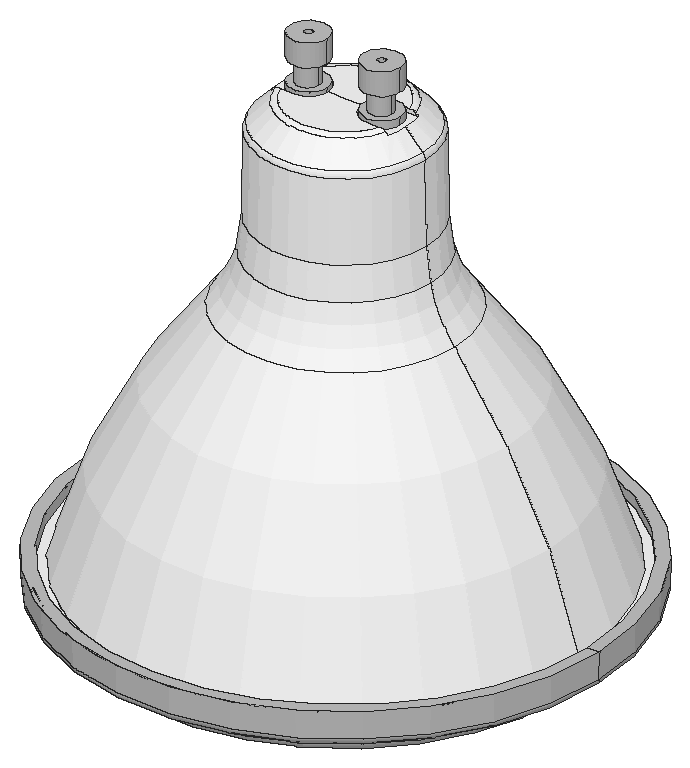
Revit family "STL23433_27", category Luminárias, Revit 2023
Family settings
  Cota do conector redondo = Utilizar diâmetro
  Tipo de parte = Normal
  Com base no plano de trabalho = Não
  Sempre na vertical = Sim
  Corte com vazios quando carregada = Não
  Fonte luminosa = Sim
  Manter orientação da anotação = Não
  Compartilhado = Não
  Ponto de cálculo do ambiente = Não
Parameters (values of type "STL23433/27 - BIVOLT - 2700K - 350lm - 12°")
  Ângulo de inclinação = 90.00°
  Ângulo de Abertura = "12°"
  Wattage = 2.35624 W
  URL = "https://stella.com.br/"
  Troca de temperatura da cor de lâmpada com esmaecimento = <Nenhum>
  Tensão Elétrica = "100V-240V"
  built-in parameter 1150107 = 2700 (stored number, unit not read)
  Temperatura da cor (K) = 2700 K
  Referência = "STL23433/27"
  Potência = 4 W
  built-in parameter 1150110 = 1 (stored number, unit not read)
  built-in parameter 1150109 = 1 (stored number, unit not read)
  built-in parameter 1114218 = 1 (stored number, unit not read)
  built-in parameter 1150112 = 1 (stored number, unit not read)
  built-in parameter 1150113 = 1 (stored number, unit not read)
  built-in parameter 1150142 = "IESNA:LM-63-2002\r\n[TEST] Viso BaseSpion - serial: 2183678036 sensor serial: 1483989726\r\n[TESTLAB] Viso BaseSpion - serial: 2183678036 sensor serial: 1483989726 - Test lab\r\n[MANUFAC] N/A\r\n[ISSUEDATE] 21/06/2023\r\n[LUMINAIRE] STELLA - STL23433/27 - AR70 ECO 12°\r\n[LUMCAT] N/A\r\n[_SERIALNUMBER] VFR-230621-9427-MS\r\nTILT=NONE\r\n1 350 1 91 1 1 2 -0.0566 -0.0566 0\r\n1.0 1.0 4.01\r\n0 1 2 3 4 5 6 7 8 9 10 11 12 13 14 15 16 17 18 19 20 21 22 23 24 25 26 27 28 29 30 31 32 33 34 35 36 37 38 39 40 41 42 43 44 45 46 47 48 49 50 51 52 53 54 55 56 57 58 59 60 61 62 63 64 65 66 67 68 69 70 71 72 73 74 75 76 77 78 79 80\r\n 81 82 83 84 85 86 87 88 89 90\r\n0 \r\n1905.221313 1883.396851 1797.41687 1666.082642 1503.419434 1314.37915 1117.086792 923.044006 741.200562 580.769775 445.164917 336.999756 256.232574 200.70607 164.202972 141.382355 127.782669 120.33947 116.48278 114.462425 113.610336\r\n 113.865181 114.587486 115.551567 117.213821 118.576294 119.26226 118.482956 117.311859 115.598015 113.21666 110.190628 107.194839 104.778442 102.479759 100.624245 98.879707 97.596001 96.186119 94.773453 93.535461 92.357361 91.107414\r\n 89.581963 87.879295 85.444199 82.204796 77.45871 70.269379 59.972366 47.856415 35.629612 25.412764 18.612923 15.160329 13.662986 12.789259 12.229813 11.858068 11.580714 11.412646 11.309018 11.235433 11.047968 10.553129 9.815833 8.893001\r\n 7.97412 7.057638 6.123577 4.983232 3.795319 2.709604 1.66045 0.743983 0.230097 0.123003 0.117367 0.101569 0.085738 0.101012 0.080958 0.084806 0.085794 0.079606 0.08109 0.096929 0.070857 0.067895 0.065361 0.063935\r\n"
  built-in parameter 1150132 = 2
  built-in parameter 1150137 = (empty or 0)
  Modelo = "Lâmpada LED AR70 12° ECO"
  Luminoso [instance] = Luminoso - 2700K
  built-in parameter 1150106 = 19.052 (stored number, unit not read)
  built-in parameter 1150102 = (empty or 0)
  built-in parameter 1150105 = 1905.2 (stored number, unit not read)
  IRC (Índice de reprodução de cores) = ">80"
  Grau de proteção (IP) = "IP20"
  Fluxo Luminoso = 350 lm
  Color Filter = 16777215
  built-in parameter 1114217 = 1 (stored number, unit not read)
  built-in parameter 1150139 = (empty or 0)
  Fabricante = "Stella"
  Estrutura [instance] = Al - Branco
  Default Elevation = 0.00 m
  built-in parameter 1150104 = 13.8 (stored number, unit not read)
  Diâmetro = 0.07 m
  Dimerização = "Não dimerizável"
  built-in parameter 1150115 = 1 (stored number, unit not read)
  built-in parameter 1150114 = 1 (stored number, unit not read)
  Cromado [instance] = Cromado
  Lumens = 350 lm
  built-in parameter 1150138 = (empty or 0)
  built-in parameter 1150134 = (empty or 0)
  Arquivo de rede fotométrica = "STELLA - STL23433-27 - AR70 ECO 12°.ies"
  Altura = 0.069 m
  built-in parameter 1150133 = 10 (stored number, unit not read)
Reference planes (m)
  plane 1 "Centro (Frente/Trás)": y = 0
  plane 2: z = 0
  plane 3 "Centro (Esquerda/Direita)": x = 0
  plane 4: x = 0.035
  plane 5: x = -0.035
  plane 6 "Superior": z = 0.061573
  plane 7 "Base": z = -0.007427
  plane 8: y = 0.035
  plane 9: y = -0.035
Forms (m)
  Extrusion 1, void
    sketch origin (0.017547, -0.129323, 0) x (1, 0, 0) y (0, 1, 0)
      loop
        arc (-0.019858, 0.129323) -> (-0.020631, 0.131192) -> (-0.0225, 0.131966) r 0.002642
        line (-0.0225, 0.131966) -> (-0.026641, 0.131966)
        arc (-0.026641, 0.131966) -> (-0.026738, 0.130731) -> (-0.026775, 0.129493) r 0.025985
        arc (-0.026775, 0.129493) -> (-0.026747, 0.128085) -> (-0.026641, 0.126681) r 0.025985
        line (-0.026641, 0.126681) -> (-0.0225, 0.126681)
        arc (-0.0225, 0.126681) -> (-0.020631, 0.127455) -> (-0.019858, 0.129323) r 0.002642
    from 0.0549 to 0.0559
  Extrusion 2, solid, material "Cromado" <- "Cromado"
    sketch origin (0, 0, 0) x (1, 0, 0) y (0, 1, 0)
      loop
        circle (-0.005, 0) r 0.0025
    from 0.0549 to 0.0559
  Extrusion 3, solid, material "Cromado" <- "Cromado"
    sketch origin (-0.0001, 0, 0) x (1, 0, 0) y (0, 1, 0)
      loop
        circle (-0.005, 0) r 0.0015
    from 0.0559 to 0.0589
  Extrusion 4, solid, material "Cromado" <- "Cromado"
    sketch origin (0, 0, 0) x (1, 0, 0) y (0, 1, 0)
      loop
        circle (-0.005, 0) r 0.0025
    from 0.0619 to 0.0589
  Extrusion 5, solid, material "Cromado" <- "Cromado"
    sketch origin (0, 0, 0) x (-1, 0, 0) y (0, -1, 0)
      loop
        circle (-0.005, 0) r 0.0025
    from 0.0549 to 0.0559
  Extrusion 6, solid, material "Cromado" <- "Cromado"
    sketch origin (-0.0001, 0, 0) x (-1, 0, 0) y (0, -1, 0)
      loop
        circle (-0.005, 0) r 0.0015
    from 0.0559 to 0.0589
  Extrusion 7, solid, material "Cromado" <- "Cromado"
    sketch origin (0, 0, 0) x (-1, 0, 0) y (0, -1, 0)
      loop
        circle (-0.005, 0) r 0.0025
    from 0.0619 to 0.0589
  Extrusion 8, void
    sketch origin (-0.000028, 0, 0) x (1, 0, 0) y (0, 1, 0)
      loop
        circle (-0.004972, 0) r 0.0005
    from 0.0619 to 0.0549
  Extrusion 9, void
    sketch origin (0, 0, 0) x (-1, 0, 0) y (0, -1, 0)
      loop
        circle (-0.005, 0) r 0.0005
    from 0.0549 to 0.0619
  Revolve 10, solid, material "Cromado" <- "Cromado"
    sketch origin (0, 0, 0) x (1, 0, 0) y (0, 0, 1)
      loop
        line (0.028274, -0.007427) -> (0.029074, -0.007427)
        arc (0.029074, -0.007427) -> (0.029945, -0.00713) -> (0.030455, -0.006363) r 0.001429
        line (0.030455, -0.006363) -> (0.030896, -0.0049) -> (0.032454, -0.0049)
        arc (0.032454, -0.0049) -> (0.032856, -0.00486) -> (0.033229, -0.004705) r 0.001364
        line (0.033229, -0.004705) -> (0.034261, -0.00408)
        arc (0.034261, -0.00408) -> (0.034548, -0.003779) -> (0.034643, -0.003373) r 0.000793
        line (0.034643, -0.003373) -> (0.034702, 0) -> (0.033102, 0) -> (0.033079, -0.0013) -> (0.033902, -0.0013) -> (0.033902, -0.0021) -> (0.033164, -0.003116) -> (0.032544, -0.0036) -> (0.029761, -0.0036) -> (0.029605, -0.004446)
        arc (0.029605, -0.004446) -> (0.029228, -0.005086) -> (0.028589, -0.005466) r 0.001495
        arc (0.028589, -0.005466) -> (0.028149, -0.005347) -> (0.027896, -0.004966) r 0.000649
        arc (0.027896, -0.004966) -> (0.021777, 0.00596) -> (0.014324, 0.016022) r 0.098647
        arc (0.014324, 0.016022) -> (0.014007, 0.016293) -> (0.013602, 0.01639) r 0.000892
        line (0.013602, 0.01639) -> (0.011321, 0.01639) -> (0.011321, 0.01519) -> (0.013717, 0.01519)
        arc (0.013717, 0.01519) -> (0.02144, 0.004632) -> (0.027682, -0.006864) r 0.097647
        arc (0.027682, -0.006864) -> (0.027924, -0.007202) -> (0.028274, -0.007427) r 0.001101
      axis (0, 0.01639) -> (0, -0.007427)
    angle from 0 to 360
  Revolve 11, solid, material "Al - Branco" <- "Estrutura"
    sketch origin (0, 0, 0) x (1, 0, 0) y (0, 0, 1)
      loop
        arc (0.009999, 0.041174) -> (0.010203, 0.038992) -> (0.010573, 0.036832) r 0.028692
        arc (0.010573, 0.036832) -> (0.011085, 0.034849) -> (0.011773, 0.03292) r 0.022775
        line (0.011773, 0.03292) -> (0.011797, 0.03163)
        arc (0.011797, 0.03163) -> (0.011903, 0.031105) -> (0.012186, 0.03065) r 0.0015
        arc (0.012186, 0.03065) -> (0.015163, 0.027191) -> (0.017959, 0.023584) r 0.0889
        arc (0.017959, 0.023584) -> (0.025148, 0.012044) -> (0.030494, -0.000458) r 0.0889
        line (0.030494, -0.000458) -> (0.030534, -0.0016) -> (0.029534, -0.0016) -> (0.029534, -0.0024) -> (0.0302, -0.0035) -> (0.032, -0.0035) -> (0.033451, -0.002049) -> (0.0338, -0.0013) -> (0.031923, -0.0013)
        arc (0.031923, -0.0013) -> (0.025236, 0.015494) -> (0.014975, 0.030377) r 0.080631
        arc (0.014975, 0.030377) -> (0.012885, 0.033505) -> (0.011649, 0.037059) r 0.014848
        arc (0.011649, 0.037059) -> (0.011286, 0.039197) -> (0.011091, 0.041357) r 0.027592
        line (0.011091, 0.041357) -> (0.010909, 0.051767)
        arc (0.010909, 0.051767) -> (0.01083, 0.052201) -> (0.010614, 0.052586) r 0.001348
        line (0.010614, 0.052586) -> (0.008018, 0.055182)
        arc (0.008018, 0.055182) -> (0.007664, 0.055418) -> (0.007247, 0.0555) r 0.001086
        line (0.007247, 0.0555) -> (0, 0.0555) -> (0, 0.0542) -> (0.007303, 0.0542) -> (0.00981, 0.051693) -> (0.009992, 0.041298)
      axis (0, 0.0555) -> (0, -0.0035)
    angle from 0 to 360
  Revolve 12, solid, material "Luminoso - 2700K" <- "Luminoso"
    sketch origin (0, 0, 0) x (1, 0, 0) y (0, 0, 1)
      loop
        arc (0.006569, 0.006435) -> (0.009729, 0.011069) -> (0.011171, 0.01649) r 0.01665
        line (0.011171, 0.01649) -> (0.015171, 0.01649) -> (0.015171, 0.018) -> (0.011311, 0.018)
        arc (0.011311, 0.018) -> (0.009983, 0.017496) -> (0.009325, 0.016238) r 0.002
        arc (0.009325, 0.016238) -> (0.00859, 0.013079) -> (0.007187, 0.010156) r 0.01484
        arc (0.007187, 0.010156) -> (0.005894, 0.008746) -> (0.004178, 0.0079) r 0.005191
        line (0.004178, 0.0079) -> (0, 0.0079) -> (0, 0.00618) -> (0.006569, 0.006435)
      axis (0, 0.018) -> (0, 0.00618)
    angle from 0 to 360
  Revolve 13, solid, material "Cromado" <- "Cromado"
    sketch origin (0, 0, 0) x (1, 0, 0) y (0, 0, 1)
      loop
        arc (0.006279, -0.00097) -> (0.003286, 0.002493) -> (0, 0.00568) r 0.05201
        line (0, 0.00568) -> (0, -0.00652) -> (0.003465, -0.00652)
        arc (0.003465, -0.00652) -> (0.005611, -0.005631) -> (0.0065, -0.003485) r 0.003035
        line (0.0065, -0.003485) -> (0.0065, -0.001773)
        arc (0.0065, -0.001773) -> (0.006444, -0.001357) -> (0.006279, -0.00097) r 0.001569
      axis (0, 0.00568) -> (0, -0.00652)
    angle from 0 to 360
  Revolve 14, solid, material "Cromado" <- "Cromado"
    sketch origin (0, 0, 0) x (1, 0, 0) y (0, 0, 1)
      loop
        arc (0, 0.00618) -> (0.003353, 0.002958) -> (0.006408, -0.000549) r 0.052318
        line (0.006408, -0.000549) -> (0.006569, 0.006435) -> (0, 0.00618)
      axis (0, 0.006435) -> (0, -0.000549)
    angle from 0 to 360
  Extrusion 15, solid, material "Cromado" <- "Cromado"
    sketch origin (0, 0, 0) x (1, 0, 0) y (0, 0, 1)
      loop
        arc (0.006444, -0.001357) -> (0.006492, -0.001755) -> (0.0065, -0.002157) r 0.003999
        line (0.0065, -0.002157) -> (0.0065, -0.003485)
        arc (0.0065, -0.003485) -> (0.005611, -0.005631) -> (0.003465, -0.00652) r 0.003035
        line (0.003465, -0.00652) -> (0, -0.00652) -> (-0.003465, -0.00652)
        arc (-0.003465, -0.00652) -> (-0.005611, -0.005631) -> (-0.0065, -0.003485) r 0.003035
        line (-0.0065, -0.003485) -> (-0.0065, -0.002157)
        arc (-0.0065, -0.002157) -> (-0.006492, -0.001755) -> (-0.006444, -0.001357) r 0.003999
        line (-0.006444, -0.001357) -> (-0.02, 0.00228) -> (-0.024712, 0.00228)
        arc (-0.024712, 0.00228) -> (-0.026164, 0.001571) -> (-0.027255, 0.00038) r 0.004334
        line (-0.027255, 0.00038) -> (-0.025527, 0.00038) -> (-0.025475, -0.002602) -> (-0.0085, -0.00712) -> (0.0085, -0.00712) -> (0.025475, -0.002602) -> (0.025527, 0.00038) -> (0.027255, 0.00038)
        arc (0.027255, 0.00038) -> (0.026164, 0.001571) -> (0.024712, 0.00228) r 0.004334
        line (0.024712, 0.00228) -> (0.02, 0.00228) -> (0.006444, -0.001357)
    from -0.000705 to 0.0007
  Extrusion 16, void
    sketch origin (-0.017547, -0.129323, 0) x (-1, 0, 0) y (0, -1, 0)
      loop
        arc (-0.019858, -0.129323) -> (-0.020631, -0.127455) -> (-0.0225, -0.126681) r 0.002642
        line (-0.0225, -0.126681) -> (-0.026641, -0.126681)
        arc (-0.026641, -0.126681) -> (-0.026747, -0.128085) -> (-0.026775, -0.129493) r 0.025985
        arc (-0.026775, -0.129493) -> (-0.026738, -0.130731) -> (-0.026641, -0.131966) r 0.025985
        line (-0.026641, -0.131966) -> (-0.0225, -0.131966)
        arc (-0.0225, -0.131966) -> (-0.020631, -0.131192) -> (-0.019858, -0.129323) r 0.002642
    from 0.0549 to 0.0559
Cuts and joins
  Extrusion 8, Extrusion 9 cuts Extrusion 2
  Extrusion 8, Extrusion 9 cuts Extrusion 3
  Extrusion 8, Extrusion 9 cuts Extrusion 4
  joined: Extrusion 2, Extrusion 3, Extrusion 4
  Extrusion 9 cuts Extrusion 5
  Extrusion 9 cuts Extrusion 6
  Extrusion 9 cuts Extrusion 7
  joined: Extrusion 5, Extrusion 6, Extrusion 7
  Extrusion 1, Extrusion 16 cuts Revolve 11
Dimensions and locks (m)
  "Altura": plane 6 "Superior" to plane 7 "Base"
  "Diâmetro": plane 8 to plane 9
  aligned and locked: level to plane 2
  aligned and locked: Extrusion 3 to Extrusion 4
  aligned and locked: Extrusion 6 to Extrusion 7
Automatic sketch dimensions
  Extrusion 1 sketch curve to Extrusion 1 sketch curve = 0.00 m  (x4)
  plane 1 "Centro (Frente/Trás)" to Extrusion 1 sketch curve = 0.00 m  (x2)
  plane 1 "Centro (Frente/Trás)" to Extrusion 1 sketch curve = 0.002642 m
  Extrusion 1 sketch curve to plane 3 "Centro (Esquerda/Direita)" = 0.009094 m
  Extrusion 1 sketch curve to Extrusion 1 sketch curve = 0.004141 m
  plane 3 "Centro (Esquerda/Direita)" to Extrusion 1 sketch curve = 0.016756 m
  Extrusion 1 sketch curve to plane 1 "Centro (Frente/Trás)" = 0.00017 m
  plane 1 "Centro (Frente/Trás)" to Extrusion 2 sketch curve = 0.00 m
  Extrusion 2 sketch curve to plane 3 "Centro (Esquerda/Direita)" = 0.005 m
  plane 1 "Centro (Frente/Trás)" to Extrusion 3 sketch curve = 0.00 m
  Extrusion 3 sketch curve to plane 3 "Centro (Esquerda/Direita)" = 0.0051 m
  plane 1 "Centro (Frente/Trás)" to Extrusion 4 sketch curve = 0.00 m
  Extrusion 4 sketch curve to plane 3 "Centro (Esquerda/Direita)" = 0.005 m
  plane 1 "Centro (Frente/Trás)" to Extrusion 5 sketch curve = 0.00 m
  plane 3 "Centro (Esquerda/Direita)" to Extrusion 5 sketch curve = 0.005 m
  plane 1 "Centro (Frente/Trás)" to Extrusion 6 sketch curve = 0.00 m
  plane 3 "Centro (Esquerda/Direita)" to Extrusion 6 sketch curve = 0.0049 m
  plane 1 "Centro (Frente/Trás)" to Extrusion 7 sketch curve = 0.00 m
  plane 3 "Centro (Esquerda/Direita)" to Extrusion 7 sketch curve = 0.005 m
  Extrusion 8 sketch curve to Extrusion 8 sketch curve = 0.00 m  (x2)
  plane 1 "Centro (Frente/Trás)" to Extrusion 8 sketch curve = 0.00 m
  Extrusion 8 sketch curve to plane 3 "Centro (Esquerda/Direita)" = 0.005 m
  Extrusion 8 sketch curve to Extrusion 8 sketch curve = 0.0005 m
  Extrusion 9 sketch curve to Extrusion 9 sketch curve = 0.00 m  (x2)
  plane 1 "Centro (Frente/Trás)" to Extrusion 9 sketch curve = 0.00 m
  plane 3 "Centro (Esquerda/Direita)" to Extrusion 9 sketch curve = 0.005 m
  Extrusion 9 sketch curve to plane 1 "Centro (Frente/Trás)" = 0.0005 m
  Revolve 10 sketch curve to Revolve 10 sketch curve = 0.00 m  (x2)
  Revolve 10 sketch curve to plane 3 "Centro (Esquerda/Direita)" = 0.00 m
  Revolve 10 sketch curve to plane 7 "Base" = 0.00 m
  Revolve 10 sketch curve to level = 0.00 m
  Revolve 10 sketch curve to plane 5 = 0.026058 m
  plane 3 "Centro (Esquerda/Direita)" to Revolve 10 sketch curve = 0.011321 m
  Revolve 10 sketch curve to Revolve 10 sketch curve = 0.002281 m
  Revolve 10 sketch curve to Revolve 10 sketch curve = 0.000115 m
  plane 7 "Base" to Revolve 10 sketch curve = 0.003395 m
  Revolve 10 sketch curve to plane 4 = 0.006832 m
  Revolve 10 sketch curve to Revolve 10 sketch curve = 0.000105 m
  Revolve 10 sketch curve to Revolve 10 sketch curve = 0.00036 m
  Revolve 10 sketch curve to Revolve 10 sketch curve = 0.000409 m
  Revolve 10 sketch curve to Revolve 10 sketch curve = 0.0008 m  (x2)
  Revolve 10 sketch curve to Revolve 10 sketch curve = 0.001076 m
  Revolve 10 sketch curve to Revolve 10 sketch curve = 0.000156 m
  plane 7 "Base" to Revolve 10 sketch curve = 0.001063 m
  Revolve 10 sketch curve to Revolve 10 sketch curve = 0.001381 m
  Revolve 10 sketch curve to Revolve 10 sketch curve = 0.001291 m
  Revolve 10 sketch curve to Revolve 10 sketch curve = 0.001558 m
  Revolve 10 sketch curve to Revolve 10 sketch curve = 0.000069 m
  Revolve 10 sketch curve to Revolve 10 sketch curve = 0.000021 m
  Revolve 10 sketch curve to plane 4 = 0.001921 m
  Revolve 10 sketch curve to Revolve 10 sketch curve = 0.000023 m
  Revolve 10 sketch curve to Revolve 10 sketch curve = 0.000642 m
  Revolve 10 sketch curve to Revolve 10 sketch curve = 0.000775 m
  Revolve 10 sketch curve to Revolve 10 sketch curve = 0.000687 m
  Revolve 10 sketch curve to plane 4 = 0.001098 m
  Revolve 10 sketch curve to plane 4 = 0.000739 m
  Revolve 10 sketch curve to plane 4 = 0.000357 m
  Revolve 10 sketch curve to plane 4 = 0.000298 m
  Revolve 10 sketch curve to plane 7 "Base" = 0.04018 m
  Revolve 10 sketch curve to Revolve 10 sketch curve = 0.000407 m
  Revolve 10 sketch curve to Revolve 10 sketch curve = 0.001463 m
  Revolve 10 sketch curve to Revolve 10 sketch curve = 0.000788 m
  Revolve 10 sketch curve to Revolve 10 sketch curve = 0.000195 m
  Revolve 10 sketch curve to Revolve 10 sketch curve = 0.000375 m
  Revolve 10 sketch curve to Revolve 10 sketch curve = 0.000625 m
  Revolve 10 sketch curve to Revolve 10 sketch curve = 0.000062 m
  Revolve 10 sketch curve to Revolve 10 sketch curve = 0.000678 m
  Revolve 10 sketch curve to Revolve 10 sketch curve = 0.000287 m
  Revolve 10 sketch curve to Revolve 10 sketch curve = 0.001016 m
  level to Revolve 10 sketch curve = 0.01519 m
  Revolve 10 sketch curve to Revolve 10 sketch curve = 0.000308 m
  Revolve 10 sketch curve to Revolve 10 sketch curve = 0.000892 m
  Revolve 10 sketch curve to Revolve 10 sketch curve = 0.000722 m
  Revolve 10 sketch curve to Revolve 10 sketch curve = 0.000632 m
  Revolve 10 sketch curve to plane 7 "Base" = 0.005076 m
  Revolve 10 sketch curve to Revolve 10 sketch curve = 0.00431 m
  Revolve 11 sketch curve to Revolve 11 sketch curve = 0.00 m  (x6)
  Revolve 11 sketch curve to plane 3 "Centro (Esquerda/Direita)" = 0.00 m  (x2)
  Revolve 11 sketch curve to plane 5 = 0.01086 m
  Revolve 11 sketch curve to Revolve 11 sketch curve = 0.007821 m
  plane 3 "Centro (Esquerda/Direita)" to Revolve 11 sketch curve = 0.007247 m
  Revolve 11 sketch curve to Revolve 11 sketch curve = 0.000003 m
  Revolve 11 sketch curve to Revolve 11 sketch curve = 0.000053 m
  Revolve 11 sketch curve to Revolve 11 sketch curve = 0.000771 m
  Revolve 11 sketch curve to Revolve 11 sketch curve = 0.002259 m
  Revolve 11 sketch curve to Revolve 11 sketch curve = 0.000249 m
  Revolve 11 sketch curve to Revolve 11 sketch curve = 0.000804 m
  Revolve 11 sketch curve to Revolve 11 sketch curve = 0.000295 m
  Revolve 11 sketch curve to Revolve 11 sketch curve = 0.000182 m
  Revolve 11 sketch curve to Revolve 11 sketch curve = 0.000682 m
  Revolve 11 sketch curve to Revolve 11 sketch curve = 0.000024 m
  Revolve 11 sketch curve to Revolve 11 sketch curve = 0.0015 m
  Revolve 11 sketch curve to plane 4 = 0.008822 m
  Revolve 11 sketch curve to level = 0.0024 m
  Revolve 11 sketch curve to plane 4 = 0.005466 m
  Revolve 11 sketch curve to Revolve 11 sketch curve = 0.000666 m
  Revolve 11 sketch curve to level = 0.000458 m
  Revolve 11 sketch curve to Revolve 11 sketch curve = 0.00096 m
  Revolve 11 sketch curve to Revolve 11 sketch curve = 0.001 m
  Revolve 11 sketch curve to Revolve 11 sketch curve = 0.001389 m
  Revolve 11 sketch curve to Revolve 11 sketch curve = 0.0018 m
  Revolve 11 sketch curve to plane 4 = 0.002142 m
  Revolve 11 sketch curve to plane 4 = 0.001549 m
  Revolve 11 sketch curve to Revolve 11 sketch curve = 0.000349 m
  plane 4 to Revolve 11 sketch curve = 0.003648 m
  Revolve 11 sketch curve to Revolve 11 sketch curve = 0.0011 m  (x2)
  Revolve 11 sketch curve to plane 7 "Base" = 0.015116 m
  Revolve 11 sketch curve to Revolve 11 sketch curve = 0.006513 m
  Revolve 11 sketch curve to level = 0.002049 m
  Revolve 11 sketch curve to Revolve 11 sketch curve = 0.0008 m
  Revolve 11 sketch curve to level = 0.0013 m
  level to Revolve 11 sketch curve = 0.03163 m
  Revolve 11 sketch curve to Revolve 11 sketch curve = 0.000028 m
  Revolve 11 sketch curve to Revolve 11 sketch curve = 0.001291 m
  Revolve 11 sketch curve to Revolve 11 sketch curve = 0.008464 m
  Revolve 11 sketch curve to Revolve 11 sketch curve = 0.008437 m
  Revolve 11 sketch curve to Revolve 11 sketch curve = 0.001408 m
  Revolve 11 sketch curve to Revolve 11 sketch curve = 0.001221 m
  Revolve 11 sketch curve to Revolve 11 sketch curve = 0.010335 m
  Revolve 11 sketch curve to Revolve 11 sketch curve = 0.000051 m
  Revolve 11 sketch curve to Revolve 11 sketch curve = 0.000075 m
  Revolve 11 sketch curve to Revolve 11 sketch curve = 0.002456 m
  Revolve 11 sketch curve to Revolve 11 sketch curve = 0.000214 m
  Revolve 11 sketch curve to Revolve 11 sketch curve = 0.000768 m
  Revolve 11 sketch curve to Revolve 11 sketch curve = 0.001099 m
  Revolve 11 sketch curve to Revolve 11 sketch curve = 0.000007 m
  Revolve 11 sketch curve to Revolve 11 sketch curve = 0.002984 m
  Revolve 11 sketch curve to plane 7 "Base" = 0.005076 m
  Revolve 11 sketch curve to Revolve 11 sketch curve = 0.000124 m
  plane 6 "Superior" to Revolve 11 sketch curve = 0.004914 m
  Revolve 12 sketch curve to Revolve 12 sketch curve = 0.00 m  (x3)
  Revolve 12 sketch curve to plane 3 "Centro (Esquerda/Direita)" = 0.00 m  (x2)
  Revolve 12 sketch curve to plane 3 "Centro (Esquerda/Direita)" = 0.00541 m
  plane 3 "Centro (Esquerda/Direita)" to Revolve 12 sketch curve = 0.00278 m
  Revolve 12 sketch curve to Revolve 12 sketch curve = 0.004178 m
  Revolve 12 sketch curve to Revolve 12 sketch curve = 0.002391 m
  Revolve 12 sketch curve to Revolve 12 sketch curve = 0.008391 m
  Revolve 12 sketch curve to Revolve 12 sketch curve = 0.000139 m
  Revolve 12 sketch curve to Revolve 12 sketch curve = 0.003861 m
  level to Revolve 12 sketch curve = 0.00618 m
  level to Revolve 12 sketch curve = 0.006435 m
  Revolve 12 sketch curve to Revolve 12 sketch curve = 0.00172 m
  Revolve 12 sketch curve to Revolve 12 sketch curve = 0.005 m
  Revolve 12 sketch curve to Revolve 12 sketch curve = 0.0031 m
  Revolve 12 sketch curve to Revolve 12 sketch curve = 0.00049 m
  Revolve 12 sketch curve to Revolve 12 sketch curve = 0.00151 m
  plane 7 "Base" to Revolve 12 sketch curve = 0.001842 m
  Revolve 12 sketch curve to Revolve 12 sketch curve = 0.0032 m
  Revolve 13 sketch curve to plane 3 "Centro (Esquerda/Direita)" = 0.00 m  (x2)
  plane 5 to Revolve 13 sketch curve = 0.00047 m
  plane 3 "Centro (Esquerda/Direita)" to Revolve 13 sketch curve = 0.003465 m
  Revolve 13 sketch curve to Revolve 13 sketch curve = 0.001466 m
  Revolve 13 sketch curve to Revolve 13 sketch curve = 0.001569 m
  Revolve 13 sketch curve to plane 7 "Base" = 0.025787 m
  plane 7 "Base" to Revolve 13 sketch curve = 0.000907 m
  Revolve 13 sketch curve to level = 0.001773 m
  level to Revolve 13 sketch curve = 0.00568 m
  Revolve 13 sketch curve to plane 7 "Base" = 0.000586 m
  Revolve 13 sketch curve to Revolve 13 sketch curve = 0.001307 m
  Revolve 14 sketch curve to plane 3 "Centro (Esquerda/Direita)" = 0.00 m  (x2)
  plane 5 to Revolve 14 sketch curve = 0.000464 m
  Revolve 14 sketch curve to level = 0.000549 m
  plane 3 "Centro (Esquerda/Direita)" to Revolve 14 sketch curve = 0.006408 m
  plane 3 "Centro (Esquerda/Direita)" to Revolve 14 sketch curve = 0.006569 m
  Revolve 14 sketch curve to plane 7 "Base" = 0.025693 m
  level to Revolve 14 sketch curve = 0.006435 m
  plane 7 "Base" to Revolve 14 sketch curve = 0.002053 m
  Revolve 14 sketch curve to Revolve 14 sketch curve = 0.006948 m
  Extrusion 15 sketch curve to plane 3 "Centro (Esquerda/Direita)" = 0.00 m
  Extrusion 15 sketch curve to plane 3 "Centro (Esquerda/Direita)" = 0.002503 m
  plane 7 "Base" to Extrusion 15 sketch curve = 0.000907 m
  Extrusion 15 sketch curve to plane 3 "Centro (Esquerda/Direita)" = 0.003465 m
  Extrusion 15 sketch curve to level = 0.001357 m  (x2)
  Extrusion 15 sketch curve to Extrusion 15 sketch curve = 0.002979 m  (x2)
  Extrusion 15 sketch curve to Extrusion 15 sketch curve = 0.000056 m  (x2)
  plane 7 "Base" to Extrusion 15 sketch curve = 0.000307 m
  Extrusion 15 sketch curve to Extrusion 15 sketch curve = 0.002 m  (x2)
  level to Extrusion 15 sketch curve = 0.00228 m  (x2)
  Extrusion 15 sketch curve to Extrusion 15 sketch curve = 0.013556 m  (x2)
  Extrusion 15 sketch curve to Extrusion 15 sketch curve = 0.00357 m  (x2)
  Extrusion 15 sketch curve to Extrusion 15 sketch curve = 0.001142 m  (x2)
  Extrusion 15 sketch curve to level = 0.002602 m  (x2)
  Extrusion 15 sketch curve to Extrusion 15 sketch curve = 0.001905 m  (x2)
  level to Extrusion 15 sketch curve = 0.00038 m  (x2)
  Extrusion 15 sketch curve to Extrusion 15 sketch curve = 0.000815 m
  Extrusion 15 sketch curve to Extrusion 15 sketch curve = 0.001728 m  (x2)
  plane 3 "Centro (Esquerda/Direita)" to Extrusion 15 sketch curve = 0.002503 m
  plane 3 "Centro (Esquerda/Direita)" to Extrusion 15 sketch curve = 0.003465 m
  Extrusion 15 sketch curve to level = 0.001901 m
  Extrusion 15 sketch curve to Extrusion 15 sketch curve = 0.0008 m  (x2)
  Extrusion 16 sketch curve to Extrusion 16 sketch curve = 0.00 m  (x4)
  plane 1 "Centro (Frente/Trás)" to Extrusion 16 sketch curve = 0.00 m  (x2)
  plane 1 "Centro (Frente/Trás)" to Extrusion 16 sketch curve = 0.002642 m
  plane 3 "Centro (Esquerda/Direita)" to Extrusion 16 sketch curve = 0.009094 m
  Extrusion 16 sketch curve to Extrusion 16 sketch curve = 0.004141 m
  Extrusion 16 sketch curve to plane 3 "Centro (Esquerda/Direita)" = 0.016756 m
  Extrusion 16 sketch curve to plane 1 "Centro (Frente/Trás)" = 0.00017 m
  radius of Extrusion 2 sketch curve = 0.0025 m
  radius of Extrusion 3 sketch curve = 0.0015 m
  radius of Extrusion 4 sketch curve = 0.0025 m
  radius of Extrusion 5 sketch curve = 0.0025 m
  radius of Extrusion 6 sketch curve = 0.0015 m
  radius of Extrusion 7 sketch curve = 0.0025 m
Connectors (m)
  electrical at (0, 0, 0.061573)
    settings: index 1, voltage 0 V, apparent load 0 VA, apparent load phase1 0 VA, apparent load phase2 0 VA, apparent load phase3 0 VA, power factor 1, load classification "Outro", number of poles 1, system type 31, power factor state 1, is connector primary yes, connector utility no, sub classification motor no, connector description ""
